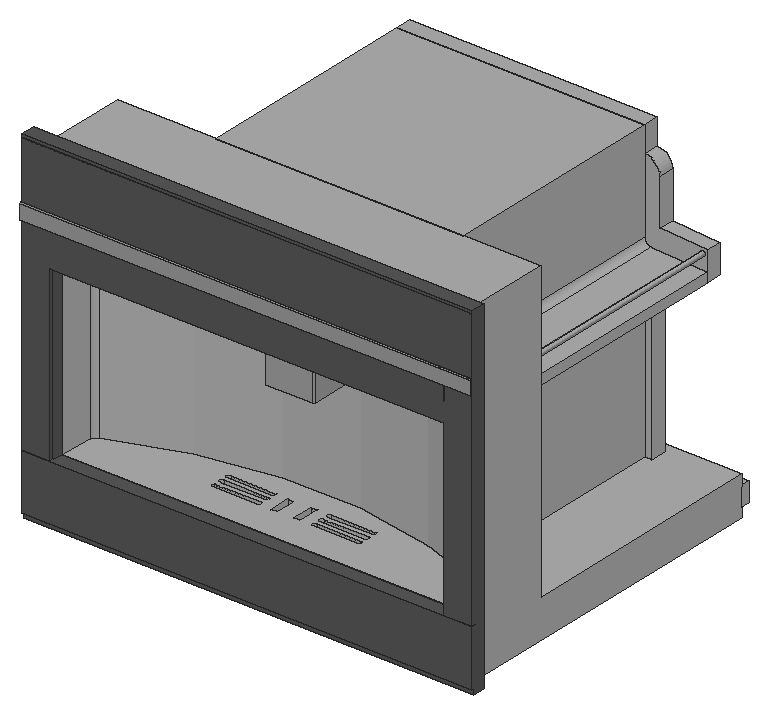
Revit family "FP-Revit20-en-EB24DSX1-CoffeeMaker-0-9000xxxx-AU-NZ-UK-IE-SG-EU", category Generic Models, Revit 2020
Family settings
  Can host rebar = No
  Round Connector Dimension = Use Diameter
  Part Type = Normal
  Work Plane-Based = No
  Always vertical = Yes
  Cut with Voids When Loaded = No
  Shared = No
  Room Calculation Point = No
Parameters (values of type "EB24DSX1")
  URL = "www.fisherpaykel.com"
  Product - width = 596 mm  # constant formula
  Product - Overall width = 596 mm  # constant formula
  Product - Overall height = 458 mm  # constant formula
  Product - Overall depth = 480 mm  # constant formula
  Model = "EB24DSX1"
  Material - Trim = Fisher & Paykel - Stainless Steel
  Manufacturer = "Fisher & Paykel Appliances"
  Material - Glass = Fisher & Paykel - Glass, Black
  Description = "Built-in Coffee Maker, 24\""
  Default Elevation = 0 mm
  Connector Note = "120 V, 60Hz, 10 A"
  Chassis - width = 560 mm  # constant formula
  Chassis - Height = 445 mm  # constant formula
  Chassis - Depth = 460 mm  # constant formula
  Material - Chassis = Fisher & Paykel - Aluminium
  Cavity - minimum width = 560 mm  # constant formula
  Cavity - minimum height = 450 mm  # constant formula
  Cavity - minimum depth = 545 mm  # constant formula
Reference planes
  plane 1 "Center (Front/Back)": y = 0
  plane 2: z = 0
  plane 3 "Center (Left/Right)": x = 0
  plane 4 "Product - Overall depth ( excludes front metal rim)": y = 460
  plane 5 "Chassis LHS": x = -280
  plane 6 "Chassis RHS": x = 280
  plane 7 "Product - Overall height": z = 458
  plane 8 "Chassis - Depth": y = 460
  plane 9: x = 298
  plane 10: x = -298
  plane 11 "Chassis - Height": z = 445
  plane 12 "Cavity - minimum height": z = 450
  plane 13 "Cavity - minimum depth": y = 545
  plane 14: x = -280
  plane 15: x = 280
  plane 16: y = 415.81
  plane 17: z = 82.85
  plane 18: z = 337.8
  plane 19: z = 223.8
  plane 20: y = 105.99
  plane 21: y = 436.81
  plane 22: y = -20
Forms (mm)
  Extrusion 1, solid, material "Fisher & Paykel - Aluminium" <- "Material - Chassis"
    sketch origin (280, 320, 1200) x (0, -1, 0) y (0, 0, -1)
      loop
        line (203.99, 1148.1) -> (203.99, 755) -> (320, 755) -> (320, 1200) -> (-130.02, 1200) -> (-130.02, 1148.1) -> (203.99, 1148.1)
    from 0 to -560
  Extrusion 2, solid, material "Fisher & Paykel - Aluminium" <- "Material - Chassis"
    sketch origin (280, 320, 1200) x (0, -1, 0) y (0, 0, -1)
      loop
        line (-130.02, 1161.04) -> (-130.02, 1187.1) -> (-140, 1187.1) -> (-140, 1161.04) -> (-130.02, 1161.04)
    from 0 to -560
  Extrusion 3, void
    sketch origin (0, 0, 0) x (1, 0, 0) y (0, 1, 0)
      loop
        line (280, 0) -> (280, 545) -> (-280, 545) -> (-280, 0) -> (280, 0)
    from 0 to 450
  Extrusion 4, solid, material "Fisher & Paykel - Aluminium" <- "Material - Chassis"
    sketch origin (-240, 415.81, 1200) x (1, 0, 0) y (0, 0, 1)
      loop
        line (418, -755) -> (89.977, -755) -> (89.977, -789.634)
        arc (89.977, -789.634) -> (75.851, -795.486) -> (70, -809.611) r 19.977
        line (70, -809.611) -> (70, -870.442) -> (-21.967, -874.057) -> (-21.967, -912.701) -> (70, -916.301) -> (70, -1148.1) -> (120, -1148.1) -> (120, -797.462) -> (385.224, -797.462) -> (385.224, -1148.1) -> (428.072, -1148.1) -> (428.072, -916.301) -> (501.48, -913.095) -> (501.48, -874.451) -> (437.977, -870.586) -> (437.977, -809.2)
        arc (437.977, -809.2) -> (432.126, -795.074) -> (418, -789.223) r 19.977
        line (418, -789.223) -> (418, -755)
    from 0 to -21
  Extrusion 5, solid, material "Fisher & Paykel - Aluminium" <- "Material - Chassis"
    sketch origin (0, 0, 0) x (1, 0, 0) y (0, 1, 0)
      loop
        line (-150, 415.81) -> (-150, 116.01) -> (178, 116.01) -> (178, 415.81) -> (-150, 415.81)
    from 0 to 445
  Extrusion 6, solid, material "Fisher & Paykel - Aluminium" <- "Material - Chassis"
    sketch origin (280, 116.01, 51.9) x (0, 0, 1) y (1, 0, 0)
      loop
        line (248.347, -541.967) -> (251.508, -439.689)
        arc (251.508, -439.689) -> (254.542, -432.82) -> (261.502, -430) r 9.998
        line (261.502, -430) -> (221.348, -430)
        arc (221.348, -430) -> (228.278, -432.791) -> (231.34, -439.606) r 10
        line (231.34, -439.606) -> (235.385, -541.967) -> (248.347, -541.967)
      loop
        line (247.956, -18.52) -> (234.952, -18.52) -> (231.725, -92.436)
        arc (231.725, -92.436) -> (228.924, -99.199) -> (222.162, -102) r 9.563
        line (222.162, -102) -> (260.744, -102)
        arc (260.744, -102) -> (254.283, -99.487) -> (251.217, -93.269) r 9.564
        line (251.217, -93.269) -> (247.956, -18.52)
      loop
        circle (268.37, -535.488) r 2.947
      loop
        circle (267.958, -24.512) r 2.947
    from 0 to 299.8
  Extrusion 7, solid, material "Fisher & Paykel - Glass, Black" <- "Material - Glass"
    sketch origin (-298, -6.5, 1200) x (0, 1, 0) y (0, 0, -1)
      loop
        line (6.5, 741.968) -> (6.5, 1199) -> (-9.5, 1199) -> (-9.5, 1191) -> (-13.5, 1191) -> (-13.5, 1117.15) -> (-6.5, 1117.15) -> (-6.5, 1116.1) -> (-13.5, 1116.1) -> (-13.5, 745.801)
        arc (-13.5, 745.801) -> (-12.688, 745.211) -> (-11.707, 745) r 2.426
        line (-11.707, 745) -> (-13.5, 745) -> (-13.5, 741.968) -> (6.5, 741.968)
    from 0 to -596
  Extrusion 8, void
    sketch origin (-250, -1524, 82.85) x (0, -1, 0) y (-1, 0, 0)
      loop
        line (-1567.308, -508.097) -> (-1524, -510.211) -> (-1507.85, -511) -> (-1504, -511) -> (-1504, 11) -> (-1507.85, 11) -> (-1524, 10.211) -> (-1567.308, 8.097)
        arc (-1567.308, 8.097) -> (-1571.875, 6.578) -> (-1574.994, 2.912) r 8.947
        arc (-1574.994, 2.912) -> (-1630.581, -250) -> (-1574.994, -502.912) r 603.141
        arc (-1574.994, -502.912) -> (-1571.875, -506.578) -> (-1567.308, -508.097) r 8.947
    from 0 to -228.95
  Extrusion 9, solid, material "Default"
    sketch origin (-20, -1524, 223.8) x (0, -1, 0) y (-1, 0, 0)
      loop
        line (-1629.99, -53) -> (-1576.8, -53)
        arc (-1576.8, -53) -> (-1575.386, -52.414) -> (-1574.8, -51) r 2
        line (-1574.8, -51) -> (-1574.8, 10.993)
        arc (-1574.8, 10.993) -> (-1575.388, 12.412) -> (-1576.807, 13) r 2.007
        line (-1576.807, 13) -> (-1629.99, 13) -> (-1629.99, -53)
    from -99.7 to 0
  Extrusion 10, solid, material "Default"
    sketch origin (33, 105.99, 1200) x (-1, 0, 0) y (0, 0, 1)
      loop
        line (-30.15, -896.765) -> (-30.15, -912.089)
        arc (-30.15, -912.089) -> (-22.35, -919.89) -> (-14.549, -912.089) r 7.801
        line (-14.549, -912.089) -> (-14.549, -896.465) -> (-12.9, -896.465) -> (-12.9, -888.2) -> (-40.436, -888.2) -> (-40.436, -896.765) -> (-30.15, -896.765)
    from -44.98 to 0
  Extrusion 11, solid, material "Fisher & Paykel - Aluminium" <- "Material - Chassis"
    sketch origin (33, 61.01, 1200) x (1, 0, 0) y (0, 0, 1)
      loop
        line (24.047, -919.703) -> (24.047, -887.115) -> (20.653, -887.115) -> (20.653, -919.703)
        arc (20.653, -919.703) -> (22.35, -919.89) -> (24.047, -919.703) r 7.801
    from 0 to 13.5
  Extrusion 12, solid
    sketch origin (-150, 415.81, 0) x (1, 0, 0) y (0, 0, -1)
      loop
        line (265.224, -131.056) -> (265.224, -76.056) -> (225.224, -76.056) -> (225.224, -131.056) -> (265.224, -131.056)
    from 0 to 1.19
  Extrusion 13, solid
    sketch origin (-150, 415.81, 0) x (1, 0, 0) y (0, 0, -1)
      loop
        line (257.224, -123.056) -> (257.224, -84.056) -> (233.224, -84.056) -> (233.224, -123.056) -> (257.224, -123.056)
    from 1.19 to 21
  Extrusion 14, solid
    sketch origin (107.224, 415.81, 123.056) x (-1, 0, 0) y (0, -1, 0)
      loop
        circle (11.367, -15) r 5
    from 0 to 19.944
  Extrusion 15, void
    sketch origin (-250, -1524, 82.85) x (0, -1, 0) y (-1, 0, 0)
      loop
        line (-1597.7, -286.788) -> (-1597.7, -346.162)
        arc (-1597.7, -346.162) -> (-1594.7, -349.162) -> (-1591.7, -346.162) r 3
        line (-1591.7, -346.162) -> (-1591.7, -286.788)
        arc (-1591.7, -286.788) -> (-1594.7, -283.788) -> (-1597.7, -286.788) r 3
      loop
        line (-1585.7, -286.788) -> (-1585.7, -346.162)
        arc (-1585.7, -346.162) -> (-1582.7, -349.162) -> (-1579.7, -346.162) r 3
        line (-1579.7, -346.162) -> (-1579.7, -286.788)
        arc (-1579.7, -286.788) -> (-1582.7, -283.788) -> (-1585.7, -286.788) r 3
      loop
        line (-1573.7, -286.788) -> (-1573.7, -346.162)
        arc (-1573.7, -346.162) -> (-1570.7, -349.162) -> (-1567.7, -346.162) r 3
        line (-1567.7, -346.162) -> (-1567.7, -286.788)
        arc (-1567.7, -286.788) -> (-1570.7, -283.788) -> (-1573.7, -286.788) r 3
      loop
        arc (-1597.7, -213.212) -> (-1594.7, -216.212) -> (-1591.7, -213.212) r 3
        line (-1591.7, -213.212) -> (-1591.7, -153.838)
        arc (-1591.7, -153.838) -> (-1594.7, -150.838) -> (-1597.7, -153.838) r 3
        line (-1597.7, -153.838) -> (-1597.7, -213.212)
      loop
        arc (-1585.7, -213.212) -> (-1582.7, -216.212) -> (-1579.7, -213.212) r 3
        line (-1579.7, -213.212) -> (-1579.7, -153.838)
        arc (-1579.7, -153.838) -> (-1582.7, -150.838) -> (-1585.7, -153.838) r 3
        line (-1585.7, -153.838) -> (-1585.7, -213.212)
      loop
        arc (-1573.7, -213.212) -> (-1570.7, -216.212) -> (-1567.7, -213.212) r 3
        line (-1567.7, -213.212) -> (-1567.7, -153.838)
        arc (-1567.7, -153.838) -> (-1570.7, -150.838) -> (-1573.7, -153.838) r 3
        line (-1573.7, -153.838) -> (-1573.7, -213.212)
      loop
        line (-1597.102, -230.51) -> (-1597.102, -239.51) -> (-1568.102, -239.51) -> (-1568.102, -230.51) -> (-1597.102, -230.51)
      loop
        line (-1597.102, -260.49) -> (-1597.102, -269.49) -> (-1568.102, -269.49) -> (-1568.102, -260.49) -> (-1597.102, -260.49)
    from 0 to 9.95
  Extrusion 16, solid, material "Fisher & Paykel - Glass, Black" <- "Material - Glass"
    sketch origin (0, 0, 0) x (1, 0, 0) y (0, 0, 1)
      loop
        line (261.188, 337.8) -> (261.188, 357.8) -> (-261.188, 357.8) -> (-261.188, 337.8) -> (261.188, 337.8)
    from 0 to 20
  Extrusion 17, solid, material "Fisher & Paykel - Stainless Steel" <- "Material - Trim"
    sketch origin (280, 320, 1200) x (0, -1, 0) y (0, 0, -1)
      loop
        line (340, 822.221) -> (341, 822.221) -> (342, 824.2) -> (342, 842.2) -> (340, 842.2) -> (340, 822.221)
    from -578 to 18
Cuts and joins
  joined: Extrusion 5, Extrusion 11
  Extrusion 8 cuts Extrusion 7
  Extrusion 8, Extrusion 15 cuts Extrusion 1
Dimensions and locks
  equal spacing: plane 5 "Chassis LHS", plane 3 "Center (Left/Right)", plane 6 "Chassis RHS", locked at 280 each
  "Chassis - width": plane 5 "Chassis LHS" to plane 6 "Chassis RHS"
  "Product - Overall height": plane 7 "Product - Overall height" to level
  "Product - Overall depth": plane 22 to plane 4 "Product - Overall depth ( excludes front metal rim)"
  "Chassis - Depth": plane 8 "Chassis - Depth" to plane 1 "Center (Front/Back)"
  "Product - Overall width": plane 10 to plane 9
  "Chassis - Height": plane 11 "Chassis - Height" to level
  "Cavity - minimum height": plane 12 "Cavity - minimum height" to level
  "Cavity - minimum depth": plane 13 "Cavity - minimum depth" to plane 1 "Center (Front/Back)"
  "Cavity - minimum width": plane 14 to plane 15
  locked: plane 1 "Center (Front/Back)" to plane 21 at 436.81
  aligned and locked: level to plane 2
  aligned and locked: Extrusion 1 sketch curve to level
  aligned and locked: Extrusion 1 sketch curve to plane 1 "Center (Front/Back)"
  aligned and locked: plane 5 "Chassis LHS" to Extrusion 1
  aligned and locked: Extrusion 1 to Extrusion 2 sketch curve
  aligned and locked: Extrusion 2 sketch curve to plane 8 "Chassis - Depth"
  aligned and locked: plane 5 "Chassis LHS" to Extrusion 2
  aligned and locked: Extrusion 3 sketch curve to plane 1 "Center (Front/Back)"
  aligned and locked: Extrusion 3 sketch curve to plane 13 "Cavity - minimum depth"
  aligned and locked: Extrusion 3 sketch curve to plane 15
  aligned and locked: Extrusion 3 sketch curve to plane 14
  aligned and locked: plane 12 "Cavity - minimum height" to Extrusion 3
  aligned and locked: Extrusion 1 to Extrusion 5 sketch curve
  aligned and locked: Extrusion 4 to Extrusion 5 sketch curve
  aligned and locked: Extrusion 5 to Extrusion 1
  aligned and locked: Extrusion 1 to Extrusion 5
  aligned and locked: Extrusion 5 to Extrusion 6 sketch curve  (x2)
  aligned and locked: Extrusion 6 to Extrusion 1
  aligned and locked: Extrusion 7 sketch curve to plane 1 "Center (Front/Back)"
  aligned and locked: Extrusion 7 to Extrusion 8 sketch curve
  aligned and locked: Extrusion 10 to Extrusion 9
  aligned and locked: Extrusion 11 sketch curve to Extrusion 10
  aligned and locked: plane 9 to Extrusion 7
  aligned and locked: plane 10 to Extrusion 7
  aligned and locked: Extrusion 6 to plane 16
  aligned and locked: Extrusion 4 to Extrusion 6
  aligned and locked: Extrusion 4 to Extrusion 13
  aligned and locked: Extrusion 4 to plane 21
  aligned and locked: Extrusion 4 to cut or joined group of Extrusion 5, Extrusion 11
  aligned and locked: Extrusion 2 to plane 4 "Product - Overall depth ( excludes front metal rim)"
  aligned and locked: Extrusion 16 to cut or joined group of Extrusion 7, Extrusion 8
  aligned and locked: cut or joined group of Extrusion 7, Extrusion 8 to Extrusion 17 sketch curve
  aligned and locked: Extrusion 16 to Extrusion 17 sketch curve
  aligned and locked: plane 9 to Extrusion 17
  aligned and locked: plane 10 to Extrusion 17
Automatic sketch dimensions
  level to Extrusion 4 sketch curve = 51.9 mm
  Extrusion 4 sketch curve to Extrusion 4 sketch curve = 12.149 mm
  Extrusion 4 sketch curve to Extrusion 4 sketch curve = 11.738 mm
  Extrusion 1 to Extrusion 6 sketch curve = 92.436 mm
  Extrusion 1 to Extrusion 6 sketch curve = 120.394 mm
  Extrusion 6 sketch curve to Extrusion 6 sketch curve = 9.563 mm
  Extrusion 6 sketch curve to Extrusion 6 sketch curve = 9.992 mm
  Extrusion 1 to Extrusion 6 sketch curve = 93.269 mm
  Extrusion 1 to Extrusion 6 sketch curve = 120.311 mm
  Extrusion 6 sketch curve to Extrusion 6 sketch curve = 9.528 mm
  Extrusion 6 sketch curve to Extrusion 6 sketch curve = 9.993 mm
  Extrusion 6 sketch curve to Extrusion 6 sketch curve = 20.001 mm
  Extrusion 6 sketch curve to Extrusion 6 sketch curve = 20.023 mm
  Extrusion 6 sketch curve to Extrusion 6 sketch curve = 6.478 mm
  Extrusion 6 sketch curve to Extrusion 6 sketch curve = 0.395 mm
  Extrusion 6 sketch curve to Extrusion 6 sketch curve = 9.998 mm
  Extrusion 6 sketch curve to Extrusion 6 sketch curve = 5.992 mm
  Extrusion 6 sketch curve to Extrusion 6 sketch curve = 0 mm  (x3)
  Extrusion 7 sketch curve to Extrusion 7 sketch curve = 1.801 mm
  Extrusion 7 sketch curve to Extrusion 7 sketch curve = 1.793 mm  (x2)
  Extrusion 7 sketch curve to Extrusion 7 sketch curve = 0.801 mm
  Extrusion 7 sketch curve to plane 7 "Product - Overall height" = 0.032 mm
  Extrusion 9 sketch curve to Extrusion 9 sketch curve = 2.007 mm
  Extrusion 9 sketch curve to Extrusion 9 sketch curve = 2 mm
  Extrusion 10 sketch curve to Extrusion 10 sketch curve = 15.324 mm
  Extrusion 14 sketch curve to Extrusion 13 = 11.367 mm
  Extrusion 13 to Extrusion 14 sketch curve = 6 mm
  plane 11 "Chassis - Height" to Extrusion 1 sketch curve = 0 mm
  Extrusion 1 sketch curve to plane 20 = 10.02 mm
  plane 8 "Chassis - Depth" to Extrusion 1 sketch curve = 9.98 mm
  Extrusion 1 sketch curve to plane 17 = 30.95 mm
  Extrusion 2 sketch curve to level = 12.9 mm
  Extrusion 2 sketch curve to Extrusion 2 sketch curve = 26.06 mm
  Extrusion 4 sketch curve to plane 11 "Chassis - Height" = 0 mm
  Extrusion 4 sketch curve to plane 5 "Chassis LHS" = 18.033 mm
  Extrusion 4 sketch curve to Extrusion 4 sketch curve = 91.967 mm
  Extrusion 4 sketch curve to Extrusion 4 sketch curve = 0 mm
  Extrusion 4 sketch curve to Extrusion 4 sketch curve = 19.977 mm
  Extrusion 4 sketch curve to Extrusion 4 sketch curve = 30.023 mm
  plane 17 to Extrusion 4 sketch curve = 30.95 mm
  Extrusion 4 sketch curve to plane 6 "Chassis RHS" = 134.776 mm
  Extrusion 4 sketch curve to Extrusion 4 sketch curve = 32.776 mm
  Extrusion 4 sketch curve to Extrusion 4 sketch curve = 42.848 mm
  plane 18 to Extrusion 4 sketch curve = 8.386 mm
  Extrusion 4 sketch curve to Extrusion 4 sketch curve = 9.905 mm
  Extrusion 4 sketch curve to plane 6 "Chassis RHS" = 18.52 mm
  plane 18 to Extrusion 4 sketch curve = 54.101 mm
  Extrusion 4 sketch curve to Extrusion 4 sketch curve = 45.715 mm
  plane 18 to Extrusion 4 sketch curve = 50.895 mm
  plane 18 to Extrusion 4 sketch curve = 50.501 mm
  plane 18 to Extrusion 4 sketch curve = 12.251 mm
  plane 18 to Extrusion 4 sketch curve = 11.857 mm
  plane 18 to Extrusion 4 sketch curve = 8.242 mm
  Extrusion 4 sketch curve to plane 18 = 52.589 mm
  Extrusion 5 sketch curve to plane 5 "Chassis LHS" = 130 mm
  Extrusion 5 sketch curve to plane 6 "Chassis RHS" = 102 mm
  Extrusion 6 sketch curve to Extrusion 1 = 171.752 mm
  Extrusion 6 sketch curve to Extrusion 1 = 170.938 mm
  Extrusion 1 to Extrusion 6 sketch curve = 18.52 mm
  Extrusion 6 sketch curve to Extrusion 6 sketch curve = 3.227 mm
  Extrusion 1 to Extrusion 6 sketch curve = 18.033 mm
  Extrusion 6 sketch curve to Extrusion 6 sketch curve = 4.045 mm
  Extrusion 6 sketch curve to Extrusion 6 sketch curve = 13.004 mm
  Extrusion 6 sketch curve to Extrusion 6 sketch curve = 12.962 mm
  Extrusion 6 sketch curve to Extrusion 6 sketch curve = 19.492 mm
  Extrusion 6 sketch curve to Extrusion 6 sketch curve = 20.168 mm
  plane 17 to Extrusion 7 sketch curve = 0 mm
  plane 17 to Extrusion 7 sketch curve = 1.05 mm
  Extrusion 7 sketch curve to plane 1 "Center (Front/Back)" = 13 mm
  Extrusion 7 sketch curve to plane 1 "Center (Front/Back)" = 16 mm
  Extrusion 7 sketch curve to plane 12 "Cavity - minimum height" = 2.574 mm
  Extrusion 7 sketch curve to plane 1 "Center (Front/Back)" = 18.199 mm
  Extrusion 7 sketch curve to Extrusion 7 sketch curve = 0 mm
  Extrusion 7 sketch curve to level = 9 mm
  Extrusion 7 sketch curve to level = 1 mm
  Extrusion 9 sketch curve to plane 20 = 0 mm
  Extrusion 9 sketch curve to plane 1 "Center (Front/Back)" = 52.807 mm
  Extrusion 9 sketch curve to plane 3 "Center (Left/Right)" = 33 mm
  plane 3 "Center (Left/Right)" to Extrusion 9 sketch curve = 31 mm
  plane 3 "Center (Left/Right)" to Extrusion 10 sketch curve = 73.436 mm
  Extrusion 10 sketch curve to Extrusion 10 sketch curve = 10.286 mm
  Extrusion 10 sketch curve to Extrusion 10 sketch curve = 7.801 mm
  Extrusion 10 sketch curve to Extrusion 10 sketch curve = 1.649 mm
  Extrusion 10 sketch curve to Extrusion 10 sketch curve = 8.265 mm
  Extrusion 10 sketch curve to Extrusion 10 sketch curve = 8.565 mm
  Extrusion 10 to Extrusion 11 sketch curve = 1.085 mm
  Extrusion 11 sketch curve to Extrusion 10 = 6.104 mm
  Extrusion 11 sketch curve to Extrusion 11 sketch curve = 3.394 mm
  Extrusion 5 to Extrusion 12 sketch curve = 102.776 mm
  Extrusion 12 sketch curve to Extrusion 12 sketch curve = 40 mm
  Extrusion 5 to Extrusion 12 sketch curve = 131.056 mm
  Extrusion 12 sketch curve to Extrusion 12 sketch curve = 55 mm
  Extrusion 5 to Extrusion 13 sketch curve = 94.776 mm
  Extrusion 13 sketch curve to Extrusion 13 sketch curve = 24 mm
  Extrusion 5 to Extrusion 13 sketch curve = 123.056 mm
  Extrusion 13 sketch curve to Extrusion 13 sketch curve = 39 mm
  plane 1 "Center (Front/Back)" to Extrusion 8 sketch curve = 0 mm  (x2)
  Extrusion 8 sketch curve to plane 3 "Center (Left/Right)" = 0 mm
  Extrusion 8 sketch curve to plane 1 "Center (Front/Back)" = 42.872 mm  (x2)
  Extrusion 8 sketch curve to plane 5 "Chassis LHS" = 21.903 mm
  Extrusion 8 sketch curve to Extrusion 8 sketch curve = 0.436 mm  (x2)
  Extrusion 8 sketch curve to plane 6 "Chassis RHS" = 21.903 mm
  Extrusion 8 sketch curve to Extrusion 8 sketch curve = 3.85 mm  (x2)
  plane 1 "Center (Front/Back)" to Extrusion 8 sketch curve = 496.559 mm
  Extrusion 8 sketch curve to plane 5 "Chassis LHS" = 19.789 mm
  Extrusion 8 sketch curve to plane 5 "Chassis LHS" = 19 mm
  Extrusion 8 sketch curve to Extrusion 8 sketch curve = 8.936 mm  (x2)
  Extrusion 8 sketch curve to plane 6 "Chassis RHS" = 19.789 mm
  Extrusion 8 sketch curve to plane 6 "Chassis RHS" = 19 mm
  Extrusion 8 sketch curve to Extrusion 8 sketch curve = 0 mm
  Extrusion 15 sketch curve to Extrusion 15 sketch curve = 3 mm  (x6)
  Extrusion 15 sketch curve to Extrusion 15 sketch curve = 6 mm  (x4)
  Extrusion 15 sketch curve to plane 3 "Center (Left/Right)" = 96.162 mm
  Extrusion 15 sketch curve to Extrusion 15 sketch curve = 0 mm  (x8)
  plane 3 "Center (Left/Right)" to Extrusion 15 sketch curve = 36.788 mm
  Extrusion 15 sketch curve to Extrusion 15 sketch curve = 59.375 mm
  Extrusion 15 sketch curve to Extrusion 15 sketch curve = 17.298 mm
  Extrusion 15 sketch curve to Extrusion 15 sketch curve = 0.402 mm  (x2)
  Extrusion 15 sketch curve to plane 20 = 32.29 mm  (x2)
  Extrusion 15 sketch curve to plane 3 "Center (Left/Right)" = 10.49 mm
  Extrusion 15 sketch curve to Extrusion 15 sketch curve = 0.598 mm  (x2)
  Extrusion 15 sketch curve to Extrusion 15 sketch curve = 26.298 mm
  plane 3 "Center (Left/Right)" to Extrusion 15 sketch curve = 10.49 mm
  Extrusion 15 sketch curve to Extrusion 15 sketch curve = 9 mm
  plane 18 to Extrusion 10 sketch curve = 49.889 mm
  Extrusion 16 sketch curve to plane 18 = 0 mm
  Extrusion 16 sketch curve to plane 5 "Chassis LHS" = 18.812 mm
  Extrusion 16 sketch curve to plane 18 = 20 mm
  Extrusion 17 sketch curve to Extrusion 17 sketch curve = 2 mm
  Extrusion 17 sketch curve to Extrusion 17 sketch curve = 19.979 mm
  Extrusion 17 sketch curve to Extrusion 17 sketch curve = 1 mm
  Extrusion 17 sketch curve to Extrusion 17 sketch curve = 1.979 mm
  plane 15 to Extrusion 16 sketch curve = 18.812 mm
  radius of Extrusion 6 sketch curve = 2.947 mm  (x2)
  radius of Extrusion 14 sketch curve = 5 mm
Connectors
  electrical at (95.857, 430.81, 143), driven by "Connector Note"
    settings: on Extrusion 14, index 1, voltage 120 V, apparent load 0 VA, apparent load phase1 0 VA, apparent load phase2 0 VA, apparent load phase3 0 VA, power factor 1, load classification "Other", number of poles 1, system type 31, power factor state 1, is connector primary yes, connector utility no, sub classification motor no, connector description "120 V, 60Hz, 10 A"
